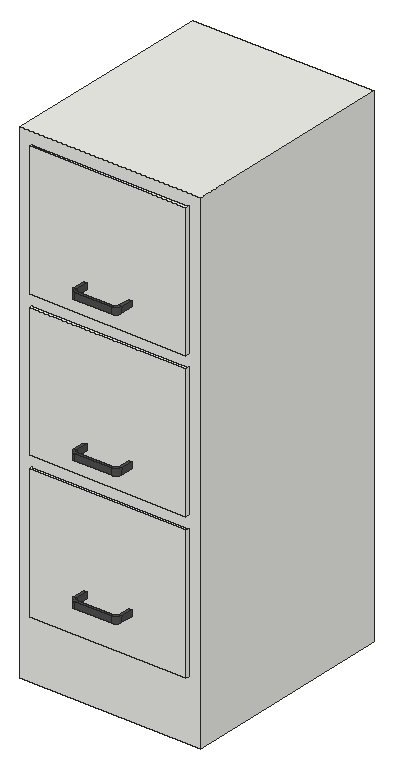
Revit family "066f67481f144a76ba7de04af2579590", category Furniture, Revit 2021
Family settings
  OmniClass Number = 23.40.20.24.24
  OmniClass Title = Filing Cabinets
  Seek Item ID = Cabinet-File 3 Drawer-0000-USA-ENU
  Work Plane-Based = No
  Always vertical = Yes
  Cut with Voids When Loaded = No
  Shared = No
  Room Calculation Point = No
Parameters (values of type "15" x 18"")
  Default Elevation = 0' - 0"
  Assembly Code = "E2020200"
  Cabinet Material = Steel, Paint Finish, Ivory, Glossy
  Depth = 1' - 6"
  Handle Material = Steel, Chrome Plated
  Height = 3' - 5"
  Width = 1' - 3"
Types (7): name | Depth | Height | Width
  (no name) | 1' - 6" | 3' - 5" | 1' - 3"
  15" x 18" | 1' - 6" | 3' - 5" | 1' - 3"
  15" x 25" | 2' - 1" | 3' - 5" | 1' - 3"
  15" x 29" | 2' - 5" | 3' - 5" | 1' - 3"
  18" x 29" | 2' - 5" | 3' - 5" | 1' - 6"
  30" x 15" Lat. | 1' - 3" | 3' - 4" | 2' - 6"
  30" x 18" Lat. | 1' - 6" | 3' - 4" | 2' - 6"
Reference planes (in)
  plane 1 "Center (Front/Back)": y = -5.59584
  plane 2: z = 0
  plane 3 "Center (Left/Right)": x = -5.03529
  plane 4: x = 2.46471
  plane 5: x = -12.53529
  plane 6: y = 3.40416
  plane 7: y = -14.59584
  plane 8: z = 41
  plane 9: y = -14.84584
Forms (in)
  Extrusion 1, solid, material "Steel, Paint Finish, Ivory, Glossy" <- "Cabinet Material"
    sketch origin (0, 3.40416, 0) x (1, 0, 0) y (0, 0, 1)
      loop
        line (-11.53529, 40) -> (-11.53529, 29) -> (1.46471, 29) -> (1.46471, 40) -> (-11.53529, 40)
      loop
        line (-11.53529, 28) -> (-11.53529, 17) -> (1.46471, 17) -> (1.46471, 28) -> (-11.53529, 28)
      loop
        line (-11.53529, 16) -> (-11.53529, 5) -> (1.46471, 5) -> (1.46471, 16) -> (-11.53529, 16)
    from 18 to 18.25
  Extrusion 2, solid, material "Steel, Paint Finish, Ivory, Glossy" <- "Cabinet Material"
    sketch origin (0, 0, 0) x (1, 0, 0) y (0, 1, 0)
      loop
        line (-12.53529, 3.40416) -> (-12.53529, -14.59584) -> (2.46471, -14.59584) -> (2.46471, 3.40416) -> (-12.53529, 3.40416)
    from 0 to 41
  Sweep 3, solid, material "Steel, Chrome Plated"
    path origin (0, 0, 0) x (1, 0, 0) y (0, 1, 0)
      loop
        line (-7.03529, -14.84584) -> (-7.03529, -15.84584)
        arc (-7.03529, -15.84584) -> (-6.88885, -16.19939) -> (-6.53529, -16.34584) r 0.5
        line (-6.53529, -16.34584) -> (-3.53529, -16.34584)
        arc (-3.53529, -16.34584) -> (-3.18174, -16.19939) -> (-3.03529, -15.84584) r 0.5
        line (-3.03529, -15.84584) -> (-3.03529, -14.84584)
    profile origin (0, -15.34584, 0) x (1, 0, 0) y (0, 0, 1)
      loop
        line (-7.03529, 8) -> (-6.78529, 8) -> (-6.78529, 8.5) -> (-7.03529, 8.5) -> (-7.03529, 8)
      loop
        line (-7.03529, 19) -> (-6.78529, 19) -> (-6.78529, 19.5) -> (-7.03529, 19.5) -> (-7.03529, 19)
      loop
        line (-7.03529, 31) -> (-6.78529, 31) -> (-6.78529, 31.5) -> (-7.03529, 31.5) -> (-7.03529, 31)
Lines and regions (in)
  Masking region 1
    outline origin (0, 0, 0) x (1, 0, 0) y (0, 1, 0)
      loop
        line (-12.53529, 3.40416) -> (-12.53529, -14.59584) -> (2.46471, -14.59584) -> (2.46471, 3.40416) -> (-12.53529, 3.40416)
  Masking region 2
    outline origin (0, 0, 0) x (1, 0, 0) y (0, 1, 0)
      loop
        line (-11.53529, -14.59584) -> (-11.53529, -14.84584) -> (1.46471, -14.84584) -> (1.46471, -14.59584) -> (-11.53529, -14.59584)
  symbolic lines
    curve 1: line (-6.78529, -15.84584, 0) -> (-6.78529, -14.84584, 0)
    curve 2: line (-3.53529, -16.09584, 0) -> (-6.53529, -16.09584, 0)
    curve 3: line (-3.28529, -14.84584, 0) -> (-3.28529, -15.84584, 0)
    curve 4: arc (-3.53529, -16.09584, 0) -> (-3.35852, -16.02262, 0) -> (-3.28529, -15.84584, 0) r 0.25
    curve 5: arc (-6.78529, -15.84584, 0) -> (-6.71207, -16.02262, 0) -> (-6.53529, -16.09584, 0) r 0.25
Dimensions and locks (in)
  equal spacing: plane 5, plane 3 "Center (Left/Right)", plane 4
  equal spacing: plane 7, plane 1 "Center (Front/Back)", plane 6
  "Width": plane 5 to plane 4
  "Depth": plane 7 to plane 6
  "Height": plane 8 to plane 2
  plane 7 to plane 9 = 0' - 0 1/4"
  aligned and locked: Extrusion 1 to plane 7
  aligned and locked: Extrusion 1 to plane 9
  aligned and locked: Extrusion 2 to plane 8
  aligned and locked: Extrusion 2 to level
  aligned and locked: plane 6 to Masking region 1 sketch curve
  aligned and locked: plane 4 to Masking region 1 sketch curve
  aligned and locked: Masking region 1 sketch curve to plane 5
  aligned and locked: Masking region 1 sketch curve to plane 7
  aligned and locked: plane 9 to Masking region 2 sketch curve
  aligned and locked: Masking region 2 sketch curve to Extrusion 1  (x2)
  aligned and locked: plane 7 to Masking region 2 sketch curve
  aligned and locked: curve 1 to Sweep 3
  aligned and locked: curve 2 to Sweep 3
  aligned and locked: curve 3 to Sweep 3
  aligned: curve 5 to Sweep 3
Automatic sketch dimensions
  Extrusion 1 sketch curve to plane 5 = 0' - 1"  (x2)
  Extrusion 1 sketch curve to Extrusion 1 sketch curve = 0' - 0"  (x2)
  plane 4 to Extrusion 1 sketch curve = 0' - 1"  (x2)
  level to Extrusion 1 sketch curve = 0' - 5"
  plane 8 to Extrusion 1 sketch curve = 0' - 1"
  Extrusion 1 sketch curve to Extrusion 1 sketch curve = 0' - 11"  (x2)
  Extrusion 1 sketch curve to Extrusion 1 sketch curve = 0' - 1"  (x2)
  Sweep 3 sketch curve to plane 9 = 0' - 0"  (x2)
  Sweep 3 sketch curve to plane 9 = 0' - 1"
  Sweep 3 sketch curve to plane 3 "Center (Left/Right)" = 0' - 2"
  Sweep 3 sketch curve to Sweep 3 sketch curve = 0' - 0 1/2"  (x4)
  plane 3 "Center (Left/Right)" to Sweep 3 sketch curve = 0' - 1 1/2"
  plane 7 to Sweep 3 sketch curve = 0' - 1 1/4"
  Sweep 3 sketch curve to profile plane = 0' - 0"  (x3)
  Sweep 3 sketch curve to profile plane = 0' - 0 1/4"  (x3)
  level to Sweep 3 sketch curve = 0' - 8"
  Sweep 3 sketch curve to Sweep 3 sketch curve = 0' - 10 1/2"
  Sweep 3 sketch curve to Sweep 3 sketch curve = 0' - 11 1/2"
  Extrusion 2 sketch curve to plane 5 = 0' - 0"
  Extrusion 2 sketch curve to plane 6 = 0' - 0"
  Extrusion 2 sketch curve to plane 4 = 0' - 0"
  Extrusion 2 sketch curve to plane 7 = 0' - 0"
  curve 1 to plane 9 = 0' - 0"
  curve 1 to curve 2 = 0' - 0 1/4"
  curve 3 to plane 9 = 0' - 0"
  curve 2 to curve 3 = 0' - 0 1/4"
